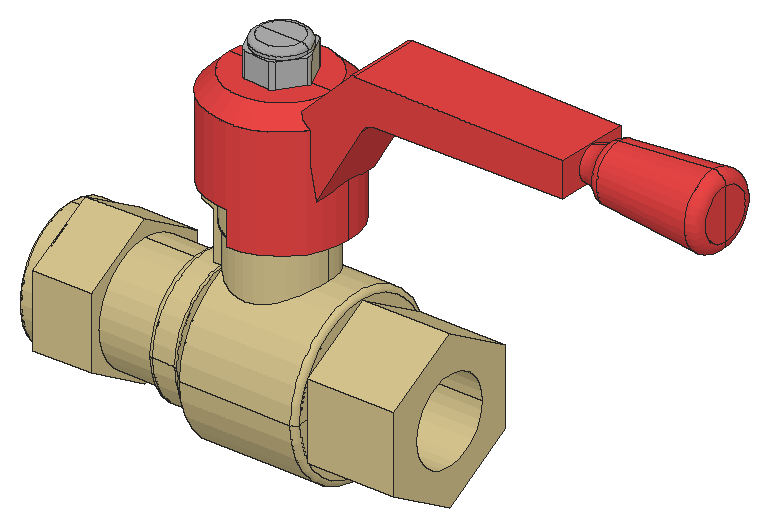
Revit family "QA10740000", category Apparecchi idraulici, Revit 2016
Family settings
  Tipo di parte = Normale
  Quota connettore circolare = Usa diametro
  Numero OmniClass = 23.45.00.00
  Titolo OmniClass = Sanitary, Laundry, and Cleaning Equipment
  Basato su piano di lavoro = No
  Sempre verticale = Sì
  Taglio con vuoti quando caricato = No
  Condiviso = No
  Punto di calcolo locali = No
Parameters
  URL = "https://web.cimberio.it/index.php/figura/201?subcategoria_id=42864"
  DN Model [instance] = QA10743110 : QA10743110
  DN [instance] = 15 mm
Reference planes
  plane 1 "Centro (Fronte/Retro)": y = 0
  plane 2: z = 0
  plane 3 "Centro (Sinistra/Destra)": x = 0
Dimensions and locks
  aligned and locked: level to plane 2
Nested families
  nested 1: "QA10743110" at (0, 0, 0), type <- "DN Model", type "QA10743110"
    with DN 10 mm
  nested 2: "QA10743110" at (0, 0, 0), type <- "DN Model", type "QA10743110"
    with DN 10 mm
  nested 3: "QA10743110" at (0, 0, 0), type <- "DN Model", type "QA10743110"
    with DN 10 mm
  nested 4: "QA10743110" at (0, 0, 0), type <- "DN Model", type "QA10743110"
    with DN 10 mm
  nested 5: "QA10743110" at (0, 0, 0), type <- "DN Model", type "QA10743110"
    with DN 10 mm
  nested 6: "QA10743110" at (0, 0, 0), type <- "DN Model", type "QA10743110"
    with DN 10 mm
  nested 7: "QA10743110" at (0, 0, 0), type <- "DN Model", type "QA10743110"
    with DN 10 mm
  nested 8: "QA10743110" at (0, 0, 0), type <- "DN Model", type "QA10743110"
    with DN 10 mm
Connectors
  piping at (30.3, 0, 0), diameter 15, driven by "DN"
    settings: on nested 1, index 1, connector inside diameter 609.6 mm, connector length 0 mm, flow factor 0, pipe flow 0.0 L/s, pressure drop 0.0 Pa, fitting loss kfactor 0, connector angle 0.00°, fixture units 0, engagement length 0 mm, angle of deflection 0.00°, flow configuration 0, flow direction 0, fitting loss method 0, system type 7, joint type 0, gender type 0, connector reference index -1, connector utility 0, adjustable connector no, is connector primary yes, connector description ""
  piping at (-35.13, 0, 0), diameter 15, driven by "DN"
    settings: on nested 1, index 2, connector inside diameter 609.6 mm, connector length 0 mm, flow factor 0, pipe flow 0.0 L/s, pressure drop 0.0 Pa, fitting loss kfactor 0, connector angle 0.00°, fixture units 0, engagement length 0 mm, angle of deflection 0.00°, flow configuration 0, flow direction 0, fitting loss method 0, system type 7, joint type 0, gender type 0, connector reference index -1, connector utility 0, adjustable connector no, is connector primary no, connector description ""
Definition of nested family "QA10743110"
  Parameters (values of type "QA10743110")
    DN [instance] = 10 mm  # constant formula
  Reference planes
    plane 1 "Centro (Fronte/Retro)": y = 0
    plane 2: z = 0
    plane 3 "Centro (Sinistra/Destra)": x = 0
  Forms (mm)
    Revolve 1, solid
      sketch origin (0, 0, 0) x (1, 0, 0) y (0, 1, 0)
        loop
          line (-14.5, 7.5) -> (14.6, 7.5) -> (14.6, 14)
          arc (14.6, 14) -> (14.307, 14.707) -> (13.6, 15) r 1
          line (13.6, 15) -> (-6.25, 15) -> (-8.888, 12.362)
          arc (-8.888, 12.362) -> (-9.236, 12.095) -> (-9.664, 12) r 1.013
          line (-9.664, 12) -> (-13.5, 12)
          arc (-13.5, 12) -> (-14.207, 11.707) -> (-14.5, 11) r 1
          line (-14.5, 11) -> (-14.5, 7.5)
        axis (-14.5, 0) -> (14.6, 0)
      angle from 0 to 360
    Revolve 2, solid
      sketch origin (0, 0, 0) x (1, 0, 0) y (0, 0, 1)
        loop
          line (-14.139, 10.375) -> (-26.587, 10.375) -> (-26.587, 7.5) -> (-14.139, 7.5) -> (-14.139, 10.375)
        axis (-26.587, 0) -> (-14.139, 0)
      angle from 0 to 360
    Extrusion 3, solid
      sketch origin (-11, 0, 0) x (0, 0, 1) y (0, 1, 0)
        loop
          circle (0, 0) r 7.5
        loop
          line (13.25, 0) -> (6.38, 11.9) -> (-6.38, 11.9) -> (-13.25, 0) -> (-6.38, -11.9) -> (6.38, -11.9) -> (13.25, 0)
      from 13.63 to 24.13
    Extrusion 4, solid
      sketch origin (11, 0, 0) x (0, 0, 1) y (0, -1, 0)
        loop
          circle (0, 0) r 7.5
        loop
          line (14, 0) -> (6.783, 12.5) -> (-6.783, 12.5) -> (-14, 0) -> (-6.783, -12.5) -> (6.783, -12.5) -> (14, 0)
      from 3.6 to 19.3
    Revolve 5, solid
      sketch origin (0, 0, 0) x (1, 0, 0) y (0, 0, 1)
        loop
          line (-35.13, 11.5) -> (-37.63, 11.5)
          arc (-37.63, 11.5) -> (-37.998, 11.287) -> (-38.13, 10.883) r 0.596
          line (-38.13, 10.883) -> (-38.13, 7.5) -> (-35.13, 7.5) -> (-35.13, 11.5)
        axis (-38.13, 0) -> (-35.13, 0)
      angle from 0 to 360
    Revolve 6, solid
      sketch origin (0, 0, 0) x (1, 0, 0) y (0, 0, 1)
        loop
          line (0.063, 27.3) -> (0.063, 11.623) -> (8.5, 11.623) -> (8.5, 21)
          arc (8.5, 21) -> (8.863, 21.294) -> (9, 21.742) r 0.8
          line (9, 21.742) -> (9, 27.3) -> (0.063, 27.3)
        axis (0.063, 11.623) -> (0.063, 27.3)
      angle from 0 to 360
    Extrusion 7, solid
      sketch origin (0, 0, 0) x (1, 0, 0) y (0, 0, 1)
        loop
          line (-13, 26.3) -> (-13, 21.5) -> (-11, 20.345) -> (-11, 10.345) -> (-7.86, 10.345) -> (-7.86, 26.3) -> (-13, 26.3)
      from -1.5 to 1.5
    Revolve 8, solid
      sketch origin (0, 0, 0) x (1, 0, 0) y (0, 0, 1)
        loop
          line (0, 30.531) -> (-6.985, 30.531) -> (-6.985, 27.3) -> (0, 27.3) -> (0, 30.531)
        axis (0, 30.531) -> (0, 27.3)
      angle from 0 to 360
    Revolve 9, solid
      sketch origin (0, 0, 0) x (1, 0, 0) y (0, 0, 1)
        loop
          line (0, 45.8) -> (-9.25, 45.8) -> (-12.25, 42.8) -> (-12.25, 22.8) -> (-7.25, 22.8) -> (-7.25, 38.318) -> (0, 38.318) -> (0, 45.8)
        axis (0, 45.8) -> (0, 22.8)
      angle from 0 to 360
    Extrusion 10, solid
      sketch origin (0, 0, 0) x (1, 0, 0) y (0, 0, 1)
        loop
          line (8.835, 45.135) -> (11.545, 31.536) -> (19.912, 46.07)
          arc (19.912, 46.07) -> (20.811, 46.977) -> (22.041, 47.32) r 2.494
          line (22.041, 47.32) -> (56.001, 47.757) -> (56.001, 53.8) -> (18.495, 54.291)
          arc (18.495, 54.291) -> (18.067, 54.234) -> (17.703, 54.003) r 0.997
          line (17.703, 54.003) -> (8.835, 45.135)
      from -6.5 to 6.5
    Revolve 11, solid
      sketch origin (0, 0, 0) x (1, 0, 0) y (0, 0, 1)
        loop
          line (80, 50.8) -> (80, 55.307)
          arc (80, 55.307) -> (79.354, 56.779) -> (77.832, 57.3) r 2
          line (77.832, 57.3) -> (60.805, 55.868)
          arc (60.805, 55.868) -> (60.126, 55.687) -> (59.552, 55.283) r 2.003
          arc (59.552, 55.283) -> (57.924, 54.188) -> (56.001, 53.8) r 5.024
          line (56.001, 53.8) -> (56.001, 50.8) -> (80, 50.8)
        axis (80, 50.8) -> (56.001, 50.8)
      angle from 0 to 360
    Revolve 12, solid
      sketch origin (0, 0, 0) x (1, 0, 0) y (0, 0, 1)
        loop
          line (0, 51.8) -> (0, 50.016) -> (4.75, 50.016) -> (4.75, 50.8)
          arc (4.75, 50.8) -> (4.457, 51.507) -> (3.75, 51.8) r 1
          line (3.75, 51.8) -> (0, 51.8)
        axis (0, 51.8) -> (0, 50.016)
      angle from 0 to 360
    Extrusion 13, solid
      sketch origin (0, 0, 28.55) x (1, 0, 0) y (0, 1, 0)
        loop
          line (5.501, 0.127) -> (3.472, 4.287)
          arc (3.472, 4.287) -> (3.145, 4.663) -> (2.674, 4.825) r 0.962
          line (2.674, 4.825) -> (-1.937, 5.147)
          arc (-1.937, 5.147) -> (-2.461, 5.045) -> (-2.864, 4.695) r 1.032
          line (-2.864, 4.695) -> (-5.424, 0.899)
          arc (-5.424, 0.899) -> (-5.599, 0.392) -> (-5.496, -0.136) r 1.038
          line (-5.496, -0.136) -> (-3.479, -4.272)
          arc (-3.479, -4.272) -> (-3.142, -4.659) -> (-2.657, -4.826) r 0.991
          line (-2.657, -4.826) -> (1.958, -5.149)
          arc (1.958, -5.149) -> (2.463, -5.05) -> (2.852, -4.713) r 0.994
          line (2.852, -4.713) -> (5.429, -0.891)
          arc (5.429, -0.891) -> (5.601, -0.392) -> (5.501, 0.127) r 1.021
      from 17.25 to 21.75
    Extrusion 14, void
      sketch origin (0, 0, 28.55) x (1, 0, 0) y (0, 1, 0)
        loop
          line (-8.5, 0) -> (-12.75, 0)
          arc (-12.75, 0) -> (-9.016, -9.016) -> (0, -12.75) r 12.75
          line (0, -12.75) -> (0, -8.5)
          arc (0, -8.5) -> (-6.01, -6.01) -> (-8.5, 0) r 8.5
      from -6.445 to 0.25
  Cuts and joins
    Extrusion 14 cuts Revolve 9
  Dimensions and locks
    aligned and locked: level to plane 2
